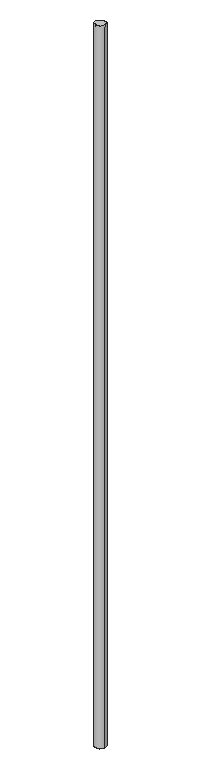
Revit family "TIE ROD 15-1_0230100", category Generic Models, Revit 2018
Family settings
  Can host rebar = No
  Round Connector Dimension = Use Diameter
  Part Type = Normal
  OmniClass Number = 35.51.14.00
  OmniClass Title = FORMWORK
  Work Plane-Based = Yes
  Always vertical = No
  Cut with Voids When Loaded = No
  Shared = Yes
  Room Calculation Point = No
Parameters
  VERSION = "20190101"  # constant formula
  URL = "www.ulmaconstruction.com/en"
  UNICLASS = ""
  ITEM_CODE = "0230100"
  Manufacturer = "ULMA CONSTRUCTION"  # constant formula
  FILTER [instance] = ""
  Default Elevation = 0 mm
  CLASSIFICATION TITLE = ""
  CLASSIFICATION NUMBER = ""
Reference planes
  plane 1 "Centro (Frontal/Posterior)": y = 0
  plane 2: z = 0
  plane 3 "Centro (Izquierda/Derecha)": x = 0
  plane 4 "ITEM_LENGTH": z = 1000
  plane 5 "MIDDLE": z = 500
Forms (mm)
  Extrusion 1, solid, material "ULMA ZINC", detail levels medium+fine
    sketch origin (0, 0, 0) x (1, 0, 0) y (0, 1, 0)
      loop
        circle (0, 0) r 7.5
    from 0 to 1000
Lines and regions (mm)
  model lines, style "ULMA TIE ROD", detail levels coarse
    curve 1: line (0, 0, 0) -> (0, 0, 1000)
Dimensions and locks
  locked: plane 4 "ITEM_LENGTH" to plane 2 at 1000
  equal spacing: plane 4 "ITEM_LENGTH", plane 5 "MIDDLE", plane 2
  aligned and locked: level to plane 2
  aligned and locked: plane 4 "ITEM_LENGTH" to curve 1
  aligned and locked: plane 2 to curve 1
  aligned and locked: plane 4 "ITEM_LENGTH" to Extrusion 1
Automatic sketch dimensions
  plane 1 "Centro (Frontal/Posterior)" to Extrusion 1 sketch curve = 0 mm
  Extrusion 1 sketch curve to plane 3 "Centro (Izquierda/Derecha)" = 0 mm
  curve 1 to plane 3 "Centro (Izquierda/Derecha)" = 0 mm
  radius of Extrusion 1 sketch curve = 7.5 mm
